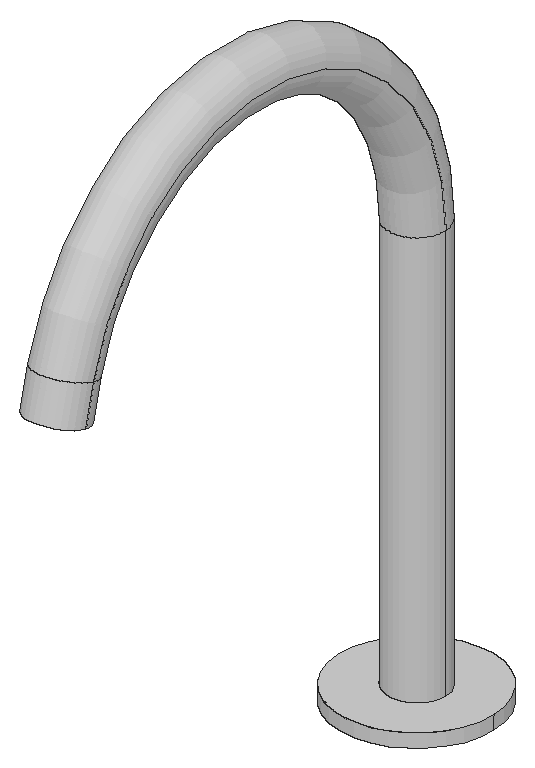
Revit family "Liano II Hob Swivel Outlet 160mm", category Specialty Equipment, host Face, Revit 2019
Family settings
  Host = Face
  Round Connector Dimension = Use Radius
  Part Type = Normal
  OmniClass Number = 23.45.55.14
  OmniClass Title = Single Faucets
  Cut with Voids When Loaded = No
  Shared = No
  Room Calculation Point = No
Parameters (values of type "Liano II Hob Swivel Outlet 160mm – Chrome")
  URL = "https://www.caroma.com.au/"
  Model = "96400C65A"
  Material_Base = GWA_Metal-Chrome
  Manufacturer = "GWA Bathrooms & Kitchens"  # constant formula
  Keynote = ""
  Description = "Liano II Hob Swivel Outlet 160mm – Chrome"
  Default Elevation = 1000 mm
  CreatedBy_ANZRS = "GWA Bathrooms & Kitchens"  # constant formula
  Assembly Code = "C1030220"
Types (6, lengths in mm): name | Model | Material_Base | Description
  (no name) | "96400C65A" | GWA_Metal-Chrome | "Liano II Hob Swivel Outlet 160mm – Chrome"
  Liano II Hob Swivel Outlet 160mm – Chrome | "96400C65A" | GWA_Metal-Chrome | "Liano II Hob Swivel Outlet 160mm – Chrome"
  Liano II Hob Swivel Outlet 160mm – Matte Black | "96400B65A" | GWA-Metal-Black | "Liano II Hob Swivel Outlet 160mm – Matte Black"
  Liano II Hob Swivel Outlet 160mm – Brushed Brass | "96400BB65A" | GWA_Metal-Brushed-Brass | "Liano II Hob Swivel Outlet 160mm – Brushed Brass"
  Liano II Hob Swivel Outlet 160mm – Gunmetal | "96400GM65A" | GWA-Metal-Gunmetal Grey | "Liano II Hob Swivel Outlet 160mm – Gunmetal"
  Liano II Hob Swivel Outlet 160mm – Brushed Nickel | "96400BN65A" | GWA_Metal-Brushed-Nickel | "Liano II Hob Swivel Outlet 160mm – Brushed Nickel"
Reference planes
  plane 1 "Center (Front/Back)": y = 0
  plane 2: z = 0
  plane 3 "Center (Left/Right)": x = 0
  plane 4 "nozle": through (0, -169.901, 162.591) normal (0, 0.2588, 0.9659)
Forms (mm)
  Extrusion 1, solid, material "GWA_Metal-Chrome" <- "Material_Base"
    sketch origin (0, 0, 0) x (1, 0, 0) y (0, 1, 0)
      loop
        circle (0, 0) r 27.5
      loop
        circle (0, 0) r 10.5
    from 0 to 5
  Sweep 2, solid, material "GWA_Metal-Chrome" <- "Material_Base"
    path origin (0, 0, 0) x (0, 1, 0) y (0, 0, 1)
      loop
        line (0, 0) -> (0, 153)
        arc (0, 153) -> (-69.158, 231.86) -> (-156.37, 173.586) r 79.54
        line (-156.37, 173.586) -> (-159.993, 160.064)
    profile origin (0, 0, 76.5) x (0, -1, 0) y (1, 0, 0)
      loop
        circle (0, 0) r 10.25
  Extrusion 3, void
    sketch origin (0, 29.267, 109.224) x (0, -0.965926, 0.258819) y (1, 0, 0)
      loop
        circle (195.943, 0) r 9.25
    from -1 to 1
Cuts and joins
  Extrusion 3 cuts Sweep 2
Lines and regions (mm)
  Masking region 1
    outline origin (0, 0, 0) x (1, 0, 0) y (0, 1, 0)
      loop
        arc (10.25, -25.518) -> (0, 27.5) -> (-10.25, -25.518) r 27.5
        line (-10.25, -25.518) -> (-10.25, -160)
        spline (-10.25, -160) -> (-9.901, -162.563) -> (-8.877, -164.95) -> (-7.248, -167.001) -> (-5.125, -168.574) -> (-2.653, -169.563) -> (0, -169.901) -> (2.653, -169.563) -> (5.125, -168.574) -> (7.248, -167.001) -> (8.877, -164.95) -> (9.901, -162.563) -> (10.25, -160)
        line (10.25, -160) -> (10.25, -25.518)
  Masking region 2
    outline origin (0, 0, 0) x (0, 1, 0) y (0, 0, 1)
      loop
        line (27.5, 5) -> (10.3, 5) -> (10.3, 153)
        arc (10.3, 153) -> (-67.814, 242.071) -> (-166.319, 176.252) r 89.84
        line (-166.319, 176.252) -> (-169.974, 162.611) -> (-150.076, 157.279) -> (-146.421, 170.921)
        arc (-146.421, 170.921) -> (-70.502, 221.648) -> (-10.3, 153) r 69.24
        line (-10.3, 153) -> (-10.3, 5) -> (-27.5, 5) -> (-27.5, 0) -> (27.5, 0) -> (27.5, 5)
  Masking region 3
    outline origin (0, 0, 0) x (1, 0, 0) y (0, 0, 1)
      loop
        line (-27.5, 0) -> (27.5, 0) -> (27.5, 5) -> (10.25, 5) -> (10.25, 232.518)
        arc (10.25, 232.518) -> (0, 242.768) -> (-10.25, 232.518) r 10.25
        line (-10.25, 232.518) -> (-10.25, 5) -> (-27.5, 5) -> (-27.5, 0)
  symbolic lines
    curve 1: arc (10.25, -25.518, 0) -> (0, 27.5, 0) -> (-10.25, -25.518, 0) r 27.5
    curve 2: arc (-10.25, -2.278, 0) -> (0, 10.5, 0) -> (10.25, -2.278, 0) r 10.5
    curve 3: spline (10.25, -160, 0) -> (9.901, -162.563, 0) -> (8.877, -164.95, 0) -> (7.248, -167.001, 0) -> (5.125, -168.574, 0) -> (2.653, -169.563, 0) -> (0, -169.901, 0) -> (-2.653, -169.563, 0) -> (-5.125, -168.574, 0) -> (-7.248, -167.001, 0) -> (-8.877, -164.95, 0) -> (-9.901, -162.563, 0) -> (-10.25, -160, 0)
    curve 4: line (-10.25, 0, 0) -> (-10.25, -160, 0)
    curve 5: line (10.25, 0, 0) -> (10.25, -160, 0)
    curve 6: arc (-10.25, 0, 0) -> (0, 10.25, 0) -> (10.25, 0, 0) r 10.25
    curve 7: line (27.5, 0, 5) -> (-27.5, 0, 5)
    curve 8: spline (10.25, 0, 159.938) -> (9.901, 0, 160.625) -> (8.877, 0, 161.265) -> (7.248, 0, 161.814) -> (5.125, 0, 162.236) -> (2.653, 0, 162.501) -> (0, 0, 162.591) -> (-2.653, 0, 162.501) -> (-5.125, 0, 162.236) -> (-7.248, 0, 161.814) -> (-8.877, 0, 161.265) -> (-9.901, 0, 160.625) -> (-10.25, 0, 159.938)
    curve 9: spline (0, 0, 162.332) -> (2.394, 0, 162.251) -> (4.625, 0, 162.011) -> (6.541, 0, 161.631) -> (8.011, 0, 161.135) -> (8.935, 0, 160.558) -> (9.25, 0, 159.938) -> (8.935, 0, 159.319) -> (8.011, 0, 158.741) -> (6.541, 0, 158.245) -> (4.625, 0, 157.865) -> (2.394, 0, 157.626) -> (0, 0, 157.544)
    curve 10: spline (-10.25, 0, 159.938) -> (-9.901, 0, 159.252) -> (-8.877, 0, 158.612) -> (-7.248, 0, 158.062) -> (-5.125, 0, 157.641) -> (-2.653, 0, 157.376) -> (0, 0, 157.285) -> (2.653, 0, 157.376) -> (5.125, 0, 157.641) -> (7.248, 0, 158.062) -> (8.877, 0, 158.612) -> (9.901, 0, 159.252) -> (10.25, 0, 159.938)
    curve 11: spline (0, 0, 157.544) -> (-2.394, 0, 157.626) -> (-4.625, 0, 157.865) -> (-6.541, 0, 158.245) -> (-8.011, 0, 158.741) -> (-8.935, 0, 159.319) -> (-9.25, 0, 159.938) -> (-8.935, 0, 160.558) -> (-8.011, 0, 161.135) -> (-6.541, 0, 161.631) -> (-4.625, 0, 162.011) -> (-2.394, 0, 162.251) -> (0, 0, 162.332)
    curve 12: line (0, -150.076, 157.279) -> (0, -169.974, 162.611)
    curve 13: arc (0, -10.3, 153) -> (0, -70.502, 221.648) -> (0, -146.421, 170.921) r 69.24
    curve 14: arc (0, 10.3, 153) -> (0, -67.814, 242.071) -> (0, -166.319, 176.252) r 89.84
    curve 15: line (0, -166.319, 176.252) -> (0, -169.974, 162.611)
    curve 16: line (0, -146.421, 170.921) -> (0, -150.076, 157.279)
    curve 17: line (0, -10.3, 5) -> (0, -10.3, 153)
    curve 18: line (0, 10.3, 5) -> (0, 10.3, 153)
    curve 19: line (0, -27.5, 5) -> (0, -27.5, 0)
    curve 20: line (0, -27.5, 0) -> (0, 27.5, 0)
    curve 21: line (0, 27.5, 0) -> (0, 27.5, 5)
    curve 22: line (0, -27.5, 5) -> (0, 27.5, 5)
    curve 23: arc (10.25, 0, 232.518) -> (0, 0, 242.768) -> (-10.25, 0, 232.518) r 10.25
    curve 24: line (-10.25, 0, 232.518) -> (-10.25, 0, 5)
    curve 25: line (10.25, 0, 232.518) -> (10.25, 0, 5)
    curve 26: line (-27.5, 0, 5) -> (-27.5, 0, 0)
    curve 27: line (-27.5, 0, 0) -> (27.5, 0, 0)
    curve 28: line (27.5, 0, 0) -> (27.5, 0, 5)
Dimensions and locks
  aligned and locked: plane 2 to host face
  aligned and locked: level to host face
